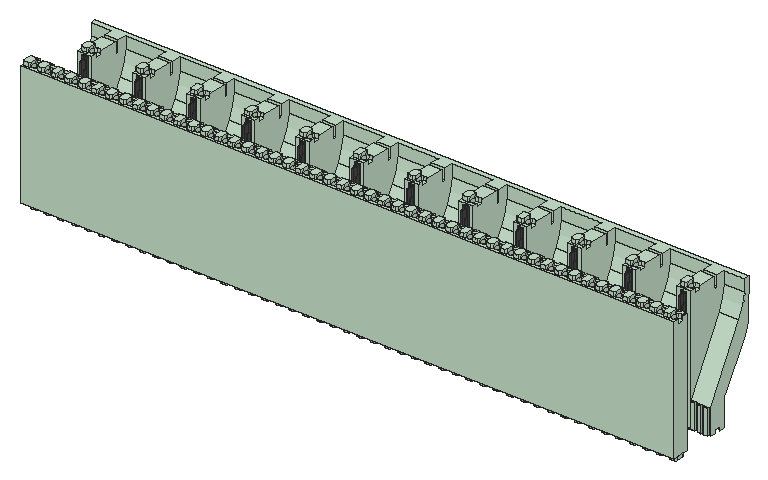
Revit family "ICF- NUDURA 4-inch- Brick Ledge Form Unit- Imperial", category Generic Models, Revit 2011 (continued)
Forms (in)
  Extrusion 51, void
    sketch origin (86, -1, 0) x (-1, 0, 0) y (0, -1, 0)
      loop
        arc (1, -4.89808) -> (1.04785, -5.04517) -> (1.17308, -5.13595) r 0.25
        arc (1.17308, -5.13595) -> (1.5, -5.1875) -> (1.82692, -5.13595) r 1.0625
        arc (1.82692, -5.13595) -> (1.95215, -5.04517) -> (2, -4.89808) r 0.25
        line (2, -4.89808) -> (2, -3.97692)
        arc (2, -3.97692) -> (1.98276, -3.88568) -> (1.9334, -3.80702) r 0.25
        arc (1.9334, -3.80702) -> (1.92106, -3.78736) -> (1.91675, -3.76455) r 0.0625
        line (1.91675, -3.76455) -> (1.91675, -3.41845) -> (1.74592, -3.41845) -> (1.74592, -3.64005)
        arc (1.74592, -3.64005) -> (1.72385, -3.68771) -> (1.67323, -3.70172) r 0.0625
        arc (1.67323, -3.70172) -> (1.42092, -3.69045) -> (1.17308, -3.73905) r 1.0625
        arc (1.17308, -3.73905) -> (1.04785, -3.82983) -> (1, -3.97692) r 0.25
        line (1, -3.97692) -> (1, -4.89808)
    from 18 to 17.5
  Extrusion 52, void
    sketch origin (78, -1, 0) x (-1, 0, 0) y (0, -1, 0)
      loop
        arc (1, -4.89808) -> (1.04785, -5.04517) -> (1.17308, -5.13595) r 0.25
        arc (1.17308, -5.13595) -> (1.5, -5.1875) -> (1.82692, -5.13595) r 1.0625
        arc (1.82692, -5.13595) -> (1.95215, -5.04517) -> (2, -4.89808) r 0.25
        line (2, -4.89808) -> (2, -3.97692)
        arc (2, -3.97692) -> (1.98276, -3.88568) -> (1.9334, -3.80702) r 0.25
        arc (1.9334, -3.80702) -> (1.92106, -3.78736) -> (1.91675, -3.76455) r 0.0625
        line (1.91675, -3.76455) -> (1.91675, -3.41845) -> (1.74592, -3.41845) -> (1.74592, -3.64005)
        arc (1.74592, -3.64005) -> (1.72385, -3.68771) -> (1.67323, -3.70172) r 0.0625
        arc (1.67323, -3.70172) -> (1.42092, -3.69045) -> (1.17308, -3.73905) r 1.0625
        arc (1.17308, -3.73905) -> (1.04785, -3.82983) -> (1, -3.97692) r 0.25
        line (1, -3.97692) -> (1, -4.89808)
    from 18 to 17.5
  Extrusion 53, void
    sketch origin (70, -1, 0) x (-1, 0, 0) y (0, -1, 0)
      loop
        arc (1, -4.89808) -> (1.04785, -5.04517) -> (1.17308, -5.13595) r 0.25
        arc (1.17308, -5.13595) -> (1.5, -5.1875) -> (1.82692, -5.13595) r 1.0625
        arc (1.82692, -5.13595) -> (1.95215, -5.04517) -> (2, -4.89808) r 0.25
        line (2, -4.89808) -> (2, -3.97692)
        arc (2, -3.97692) -> (1.98276, -3.88568) -> (1.9334, -3.80702) r 0.25
        arc (1.9334, -3.80702) -> (1.92106, -3.78736) -> (1.91675, -3.76455) r 0.0625
        line (1.91675, -3.76455) -> (1.91675, -3.41845) -> (1.74592, -3.41845) -> (1.74592, -3.64005)
        arc (1.74592, -3.64005) -> (1.72385, -3.68771) -> (1.67323, -3.70172) r 0.0625
        arc (1.67323, -3.70172) -> (1.42092, -3.69045) -> (1.17308, -3.73905) r 1.0625
        arc (1.17308, -3.73905) -> (1.04785, -3.82983) -> (1, -3.97692) r 0.25
        line (1, -3.97692) -> (1, -4.89808)
    from 18 to 17.5
  Extrusion 54, void
    sketch origin (62, -1, 0) x (-1, 0, 0) y (0, -1, 0)
      loop
        arc (1, -4.89808) -> (1.04785, -5.04517) -> (1.17308, -5.13595) r 0.25
        arc (1.17308, -5.13595) -> (1.5, -5.1875) -> (1.82692, -5.13595) r 1.0625
        arc (1.82692, -5.13595) -> (1.95215, -5.04517) -> (2, -4.89808) r 0.25
        line (2, -4.89808) -> (2, -3.97692)
        arc (2, -3.97692) -> (1.98276, -3.88568) -> (1.9334, -3.80702) r 0.25
        arc (1.9334, -3.80702) -> (1.92106, -3.78736) -> (1.91675, -3.76455) r 0.0625
        line (1.91675, -3.76455) -> (1.91675, -3.41845) -> (1.74592, -3.41845) -> (1.74592, -3.64005)
        arc (1.74592, -3.64005) -> (1.72385, -3.68771) -> (1.67323, -3.70172) r 0.0625
        arc (1.67323, -3.70172) -> (1.42092, -3.69045) -> (1.17308, -3.73905) r 1.0625
        arc (1.17308, -3.73905) -> (1.04785, -3.82983) -> (1, -3.97692) r 0.25
        line (1, -3.97692) -> (1, -4.89808)
    from 18 to 17.5
  Extrusion 55, void
    sketch origin (54, -1, 0) x (-1, 0, 0) y (0, -1, 0)
      loop
        arc (1, -4.89808) -> (1.04785, -5.04517) -> (1.17308, -5.13595) r 0.25
        arc (1.17308, -5.13595) -> (1.5, -5.1875) -> (1.82692, -5.13595) r 1.0625
        arc (1.82692, -5.13595) -> (1.95215, -5.04517) -> (2, -4.89808) r 0.25
        line (2, -4.89808) -> (2, -3.97692)
        arc (2, -3.97692) -> (1.98276, -3.88568) -> (1.9334, -3.80702) r 0.25
        arc (1.9334, -3.80702) -> (1.92106, -3.78736) -> (1.91675, -3.76455) r 0.0625
        line (1.91675, -3.76455) -> (1.91675, -3.41845) -> (1.74592, -3.41845) -> (1.74592, -3.64005)
        arc (1.74592, -3.64005) -> (1.72385, -3.68771) -> (1.67323, -3.70172) r 0.0625
        arc (1.67323, -3.70172) -> (1.42092, -3.69045) -> (1.17308, -3.73905) r 1.0625
        arc (1.17308, -3.73905) -> (1.04785, -3.82983) -> (1, -3.97692) r 0.25
        line (1, -3.97692) -> (1, -4.89808)
    from 18 to 17.5
  Extrusion 56, void
    sketch origin (46, -1, 0) x (-1, 0, 0) y (0, -1, 0)
      loop
        arc (1, -4.89808) -> (1.04785, -5.04517) -> (1.17308, -5.13595) r 0.25
        arc (1.17308, -5.13595) -> (1.5, -5.1875) -> (1.82692, -5.13595) r 1.0625
        arc (1.82692, -5.13595) -> (1.95215, -5.04517) -> (2, -4.89808) r 0.25
        line (2, -4.89808) -> (2, -3.97692)
        arc (2, -3.97692) -> (1.98276, -3.88568) -> (1.9334, -3.80702) r 0.25
        arc (1.9334, -3.80702) -> (1.92106, -3.78736) -> (1.91675, -3.76455) r 0.0625
        line (1.91675, -3.76455) -> (1.91675, -3.41845) -> (1.74592, -3.41845) -> (1.74592, -3.64005)
        arc (1.74592, -3.64005) -> (1.72385, -3.68771) -> (1.67323, -3.70172) r 0.0625
        arc (1.67323, -3.70172) -> (1.42092, -3.69045) -> (1.17308, -3.73905) r 1.0625
        arc (1.17308, -3.73905) -> (1.04785, -3.82983) -> (1, -3.97692) r 0.25
        line (1, -3.97692) -> (1, -4.89808)
    from 18 to 17.5
  Extrusion 57, void
    sketch origin (38, -1, 0) x (-1, 0, 0) y (0, -1, 0)
      loop
        arc (1, -4.89808) -> (1.04785, -5.04517) -> (1.17308, -5.13595) r 0.25
        arc (1.17308, -5.13595) -> (1.5, -5.1875) -> (1.82692, -5.13595) r 1.0625
        arc (1.82692, -5.13595) -> (1.95215, -5.04517) -> (2, -4.89808) r 0.25
        line (2, -4.89808) -> (2, -3.97692)
        arc (2, -3.97692) -> (1.98276, -3.88568) -> (1.9334, -3.80702) r 0.25
        arc (1.9334, -3.80702) -> (1.92106, -3.78736) -> (1.91675, -3.76455) r 0.0625
        line (1.91675, -3.76455) -> (1.91675, -3.41845) -> (1.74592, -3.41845) -> (1.74592, -3.64005)
        arc (1.74592, -3.64005) -> (1.72385, -3.68771) -> (1.67323, -3.70172) r 0.0625
        arc (1.67323, -3.70172) -> (1.42092, -3.69045) -> (1.17308, -3.73905) r 1.0625
        arc (1.17308, -3.73905) -> (1.04785, -3.82983) -> (1, -3.97692) r 0.25
        line (1, -3.97692) -> (1, -4.89808)
    from 18 to 17.5
  Extrusion 58, void
    sketch origin (30, -1, 0) x (-1, 0, 0) y (0, -1, 0)
      loop
        arc (1, -4.89808) -> (1.04785, -5.04517) -> (1.17308, -5.13595) r 0.25
        arc (1.17308, -5.13595) -> (1.5, -5.1875) -> (1.82692, -5.13595) r 1.0625
        arc (1.82692, -5.13595) -> (1.95215, -5.04517) -> (2, -4.89808) r 0.25
        line (2, -4.89808) -> (2, -3.97692)
        arc (2, -3.97692) -> (1.98276, -3.88568) -> (1.9334, -3.80702) r 0.25
        arc (1.9334, -3.80702) -> (1.92106, -3.78736) -> (1.91675, -3.76455) r 0.0625
        line (1.91675, -3.76455) -> (1.91675, -3.41845) -> (1.74592, -3.41845) -> (1.74592, -3.64005)
        arc (1.74592, -3.64005) -> (1.72385, -3.68771) -> (1.67323, -3.70172) r 0.0625
        arc (1.67323, -3.70172) -> (1.42092, -3.69045) -> (1.17308, -3.73905) r 1.0625
        arc (1.17308, -3.73905) -> (1.04785, -3.82983) -> (1, -3.97692) r 0.25
        line (1, -3.97692) -> (1, -4.89808)
    from 18 to 17.5
  Extrusion 59, void
    sketch origin (22, -1, 0) x (-1, 0, 0) y (0, -1, 0)
      loop
        arc (1, -4.89808) -> (1.04785, -5.04517) -> (1.17308, -5.13595) r 0.25
        arc (1.17308, -5.13595) -> (1.5, -5.1875) -> (1.82692, -5.13595) r 1.0625
        arc (1.82692, -5.13595) -> (1.95215, -5.04517) -> (2, -4.89808) r 0.25
        line (2, -4.89808) -> (2, -3.97692)
        arc (2, -3.97692) -> (1.98276, -3.88568) -> (1.9334, -3.80702) r 0.25
        arc (1.9334, -3.80702) -> (1.92106, -3.78736) -> (1.91675, -3.76455) r 0.0625
        line (1.91675, -3.76455) -> (1.91675, -3.41845) -> (1.74592, -3.41845) -> (1.74592, -3.64005)
        arc (1.74592, -3.64005) -> (1.72385, -3.68771) -> (1.67323, -3.70172) r 0.0625
        arc (1.67323, -3.70172) -> (1.42092, -3.69045) -> (1.17308, -3.73905) r 1.0625
        arc (1.17308, -3.73905) -> (1.04785, -3.82983) -> (1, -3.97692) r 0.25
        line (1, -3.97692) -> (1, -4.89808)
    from 18 to 17.5
  Extrusion 60, void
    sketch origin (14, -1, 0) x (-1, 0, 0) y (0, -1, 0)
      loop
        arc (1, -4.89808) -> (1.04785, -5.04517) -> (1.17308, -5.13595) r 0.25
        arc (1.17308, -5.13595) -> (1.5, -5.1875) -> (1.82692, -5.13595) r 1.0625
        arc (1.82692, -5.13595) -> (1.95215, -5.04517) -> (2, -4.89808) r 0.25
        line (2, -4.89808) -> (2, -3.97692)
        arc (2, -3.97692) -> (1.98276, -3.88568) -> (1.9334, -3.80702) r 0.25
        arc (1.9334, -3.80702) -> (1.92106, -3.78736) -> (1.91675, -3.76455) r 0.0625
        line (1.91675, -3.76455) -> (1.91675, -3.41845) -> (1.74592, -3.41845) -> (1.74592, -3.64005)
        arc (1.74592, -3.64005) -> (1.72385, -3.68771) -> (1.67323, -3.70172) r 0.0625
        arc (1.67323, -3.70172) -> (1.42092, -3.69045) -> (1.17308, -3.73905) r 1.0625
        arc (1.17308, -3.73905) -> (1.04785, -3.82983) -> (1, -3.97692) r 0.25
        line (1, -3.97692) -> (1, -4.89808)
    from 18 to 17.5
  Extrusion 61, void
    sketch origin (6, -1, 0) x (-1, 0, 0) y (0, -1, 0)
      loop
        arc (1, -4.89808) -> (1.04785, -5.04517) -> (1.17308, -5.13595) r 0.25
        arc (1.17308, -5.13595) -> (1.5, -5.1875) -> (1.82692, -5.13595) r 1.0625
        arc (1.82692, -5.13595) -> (1.95215, -5.04517) -> (2, -4.89808) r 0.25
        line (2, -4.89808) -> (2, -3.97692)
        arc (2, -3.97692) -> (1.98276, -3.88568) -> (1.9334, -3.80702) r 0.25
        arc (1.9334, -3.80702) -> (1.92106, -3.78736) -> (1.91675, -3.76455) r 0.0625
        line (1.91675, -3.76455) -> (1.91675, -3.41845) -> (1.74592, -3.41845) -> (1.74592, -3.64005)
        arc (1.74592, -3.64005) -> (1.72385, -3.68771) -> (1.67323, -3.70172) r 0.0625
        arc (1.67323, -3.70172) -> (1.42092, -3.69045) -> (1.17308, -3.73905) r 1.0625
        arc (1.17308, -3.73905) -> (1.04785, -3.82983) -> (1, -3.97692) r 0.25
        line (1, -3.97692) -> (1, -4.89808)
    from 18 to 17.5
  Extrusion 62, void
    sketch origin (2, 1, 0) x (-1, 0, 0) y (0, -1, 0)
      loop
        line (1, 4.89808) -> (1, 3.97692)
        arc (1, 3.97692) -> (1.04785, 3.82983) -> (1.17308, 3.73905) r 0.25
        arc (1.17308, 3.73905) -> (1.42092, 3.69045) -> (1.67323, 3.70172) r 1.0625
        arc (1.67323, 3.70172) -> (1.72385, 3.68771) -> (1.74592, 3.64005) r 0.0625
        line (1.74592, 3.64005) -> (1.74592, 3.41845) -> (1.91675, 3.41845) -> (1.91675, 3.76455)
        arc (1.91675, 3.76455) -> (1.92106, 3.78736) -> (1.9334, 3.80702) r 0.0625
        arc (1.9334, 3.80702) -> (1.98276, 3.88568) -> (2, 3.97692) r 0.25
        line (2, 3.97692) -> (2, 4.89808)
        arc (2, 4.89808) -> (1.95215, 5.04517) -> (1.82692, 5.13595) r 0.25
        arc (1.82692, 5.13595) -> (1.5, 5.1875) -> (1.17308, 5.13595) r 1.0625
        arc (1.17308, 5.13595) -> (1.04785, 5.04517) -> (1, 4.89808) r 0.25
    from 0 to 0.5
  Extrusion 63, void
    sketch origin (4, 1, 0) x (-1, 0, 0) y (0, -1, 0)
      loop
        line (1, 4.89808) -> (1, 3.97692)
        arc (1, 3.97692) -> (1.04785, 3.82983) -> (1.17308, 3.73905) r 0.25
        arc (1.17308, 3.73905) -> (1.42092, 3.69045) -> (1.67323, 3.70172) r 1.0625
        arc (1.67323, 3.70172) -> (1.72385, 3.68771) -> (1.74592, 3.64005) r 0.0625
        line (1.74592, 3.64005) -> (1.74592, 3.41845) -> (1.91675, 3.41845) -> (1.91675, 3.76455)
        arc (1.91675, 3.76455) -> (1.92106, 3.78736) -> (1.9334, 3.80702) r 0.0625
        arc (1.9334, 3.80702) -> (1.98276, 3.88568) -> (2, 3.97692) r 0.25
        line (2, 3.97692) -> (2, 4.89808)
        arc (2, 4.89808) -> (1.95215, 5.04517) -> (1.82692, 5.13595) r 0.25
        arc (1.82692, 5.13595) -> (1.5, 5.1875) -> (1.17308, 5.13595) r 1.0625
        arc (1.17308, 5.13595) -> (1.04785, 5.04517) -> (1, 4.89808) r 0.25
    from 0 to 0.5
  Extrusion 64, void
    sketch origin (6, 1, 0) x (-1, 0, 0) y (0, -1, 0)
      loop
        line (1, 4.89808) -> (1, 3.97692)
        arc (1, 3.97692) -> (1.04785, 3.82983) -> (1.17308, 3.73905) r 0.25
        arc (1.17308, 3.73905) -> (1.42092, 3.69045) -> (1.67323, 3.70172) r 1.0625
        arc (1.67323, 3.70172) -> (1.72385, 3.68771) -> (1.74592, 3.64005) r 0.0625
        line (1.74592, 3.64005) -> (1.74592, 3.41845) -> (1.91675, 3.41845) -> (1.91675, 3.76455)
        arc (1.91675, 3.76455) -> (1.92106, 3.78736) -> (1.9334, 3.80702) r 0.0625
        arc (1.9334, 3.80702) -> (1.98276, 3.88568) -> (2, 3.97692) r 0.25
        line (2, 3.97692) -> (2, 4.89808)
        arc (2, 4.89808) -> (1.95215, 5.04517) -> (1.82692, 5.13595) r 0.25
        arc (1.82692, 5.13595) -> (1.5, 5.1875) -> (1.17308, 5.13595) r 1.0625
        arc (1.17308, 5.13595) -> (1.04785, 5.04517) -> (1, 4.89808) r 0.25
    from 0 to 0.5
  Extrusion 65, void
    sketch origin (8, 1, 0) x (-1, 0, 0) y (0, -1, 0)
      loop
        line (1, 4.89808) -> (1, 3.97692)
        arc (1, 3.97692) -> (1.04785, 3.82983) -> (1.17308, 3.73905) r 0.25
        arc (1.17308, 3.73905) -> (1.42092, 3.69045) -> (1.67323, 3.70172) r 1.0625
        arc (1.67323, 3.70172) -> (1.72385, 3.68771) -> (1.74592, 3.64005) r 0.0625
        line (1.74592, 3.64005) -> (1.74592, 3.41845) -> (1.91675, 3.41845) -> (1.91675, 3.76455)
        arc (1.91675, 3.76455) -> (1.92106, 3.78736) -> (1.9334, 3.80702) r 0.0625
        arc (1.9334, 3.80702) -> (1.98276, 3.88568) -> (2, 3.97692) r 0.25
        line (2, 3.97692) -> (2, 4.89808)
        arc (2, 4.89808) -> (1.95215, 5.04517) -> (1.82692, 5.13595) r 0.25
        arc (1.82692, 5.13595) -> (1.5, 5.1875) -> (1.17308, 5.13595) r 1.0625
        arc (1.17308, 5.13595) -> (1.04785, 5.04517) -> (1, 4.89808) r 0.25
    from 0 to 0.5
  Extrusion 66, void
    sketch origin (10, 1, 0) x (-1, 0, 0) y (0, -1, 0)
      loop
        line (1, 4.89808) -> (1, 3.97692)
        arc (1, 3.97692) -> (1.04785, 3.82983) -> (1.17308, 3.73905) r 0.25
        arc (1.17308, 3.73905) -> (1.42092, 3.69045) -> (1.67323, 3.70172) r 1.0625
        arc (1.67323, 3.70172) -> (1.72385, 3.68771) -> (1.74592, 3.64005) r 0.0625
        line (1.74592, 3.64005) -> (1.74592, 3.41845) -> (1.91675, 3.41845) -> (1.91675, 3.76455)
        arc (1.91675, 3.76455) -> (1.92106, 3.78736) -> (1.9334, 3.80702) r 0.0625
        arc (1.9334, 3.80702) -> (1.98276, 3.88568) -> (2, 3.97692) r 0.25
        line (2, 3.97692) -> (2, 4.89808)
        arc (2, 4.89808) -> (1.95215, 5.04517) -> (1.82692, 5.13595) r 0.25
        arc (1.82692, 5.13595) -> (1.5, 5.1875) -> (1.17308, 5.13595) r 1.0625
        arc (1.17308, 5.13595) -> (1.04785, 5.04517) -> (1, 4.89808) r 0.25
    from 0 to 0.5
  Extrusion 67, void
    sketch origin (12, 1, 0) x (-1, 0, 0) y (0, -1, 0)
      loop
        line (1, 4.89808) -> (1, 3.97692)
        arc (1, 3.97692) -> (1.04785, 3.82983) -> (1.17308, 3.73905) r 0.25
        arc (1.17308, 3.73905) -> (1.42092, 3.69045) -> (1.67323, 3.70172) r 1.0625
        arc (1.67323, 3.70172) -> (1.72385, 3.68771) -> (1.74592, 3.64005) r 0.0625
        line (1.74592, 3.64005) -> (1.74592, 3.41845) -> (1.91675, 3.41845) -> (1.91675, 3.76455)
        arc (1.91675, 3.76455) -> (1.92106, 3.78736) -> (1.9334, 3.80702) r 0.0625
        arc (1.9334, 3.80702) -> (1.98276, 3.88568) -> (2, 3.97692) r 0.25
        line (2, 3.97692) -> (2, 4.89808)
        arc (2, 4.89808) -> (1.95215, 5.04517) -> (1.82692, 5.13595) r 0.25
        arc (1.82692, 5.13595) -> (1.5, 5.1875) -> (1.17308, 5.13595) r 1.0625
        arc (1.17308, 5.13595) -> (1.04785, 5.04517) -> (1, 4.89808) r 0.25
    from 0 to 0.5
  Extrusion 68, void
    sketch origin (14, 1, 0) x (-1, 0, 0) y (0, -1, 0)
      loop
        line (1, 4.89808) -> (1, 3.97692)
        arc (1, 3.97692) -> (1.04785, 3.82983) -> (1.17308, 3.73905) r 0.25
        arc (1.17308, 3.73905) -> (1.42092, 3.69045) -> (1.67323, 3.70172) r 1.0625
        arc (1.67323, 3.70172) -> (1.72385, 3.68771) -> (1.74592, 3.64005) r 0.0625
        line (1.74592, 3.64005) -> (1.74592, 3.41845) -> (1.91675, 3.41845) -> (1.91675, 3.76455)
        arc (1.91675, 3.76455) -> (1.92106, 3.78736) -> (1.9334, 3.80702) r 0.0625
        arc (1.9334, 3.80702) -> (1.98276, 3.88568) -> (2, 3.97692) r 0.25
        line (2, 3.97692) -> (2, 4.89808)
        arc (2, 4.89808) -> (1.95215, 5.04517) -> (1.82692, 5.13595) r 0.25
        arc (1.82692, 5.13595) -> (1.5, 5.1875) -> (1.17308, 5.13595) r 1.0625
        arc (1.17308, 5.13595) -> (1.04785, 5.04517) -> (1, 4.89808) r 0.25
    from 0 to 0.5
  Extrusion 69, void
    sketch origin (16, 1, 0) x (-1, 0, 0) y (0, -1, 0)
      loop
        line (1, 4.89808) -> (1, 3.97692)
        arc (1, 3.97692) -> (1.04785, 3.82983) -> (1.17308, 3.73905) r 0.25
        arc (1.17308, 3.73905) -> (1.42092, 3.69045) -> (1.67323, 3.70172) r 1.0625
        arc (1.67323, 3.70172) -> (1.72385, 3.68771) -> (1.74592, 3.64005) r 0.0625
        line (1.74592, 3.64005) -> (1.74592, 3.41845) -> (1.91675, 3.41845) -> (1.91675, 3.76455)
        arc (1.91675, 3.76455) -> (1.92106, 3.78736) -> (1.9334, 3.80702) r 0.0625
        arc (1.9334, 3.80702) -> (1.98276, 3.88568) -> (2, 3.97692) r 0.25
        line (2, 3.97692) -> (2, 4.89808)
        arc (2, 4.89808) -> (1.95215, 5.04517) -> (1.82692, 5.13595) r 0.25
        arc (1.82692, 5.13595) -> (1.5, 5.1875) -> (1.17308, 5.13595) r 1.0625
        arc (1.17308, 5.13595) -> (1.04785, 5.04517) -> (1, 4.89808) r 0.25
    from 0 to 0.5
  Extrusion 70, void
    sketch origin (18, 1, 0) x (-1, 0, 0) y (0, -1, 0)
      loop
        line (1, 4.89808) -> (1, 3.97692)
        arc (1, 3.97692) -> (1.04785, 3.82983) -> (1.17308, 3.73905) r 0.25
        arc (1.17308, 3.73905) -> (1.42092, 3.69045) -> (1.67323, 3.70172) r 1.0625
        arc (1.67323, 3.70172) -> (1.72385, 3.68771) -> (1.74592, 3.64005) r 0.0625
        line (1.74592, 3.64005) -> (1.74592, 3.41845) -> (1.91675, 3.41845) -> (1.91675, 3.76455)
        arc (1.91675, 3.76455) -> (1.92106, 3.78736) -> (1.9334, 3.80702) r 0.0625
        arc (1.9334, 3.80702) -> (1.98276, 3.88568) -> (2, 3.97692) r 0.25
        line (2, 3.97692) -> (2, 4.89808)
        arc (2, 4.89808) -> (1.95215, 5.04517) -> (1.82692, 5.13595) r 0.25
        arc (1.82692, 5.13595) -> (1.5, 5.1875) -> (1.17308, 5.13595) r 1.0625
        arc (1.17308, 5.13595) -> (1.04785, 5.04517) -> (1, 4.89808) r 0.25
    from 0 to 0.5
  Extrusion 71, void
    sketch origin (20, 1, 0) x (-1, 0, 0) y (0, -1, 0)
      loop
        line (1, 4.89808) -> (1, 3.97692)
        arc (1, 3.97692) -> (1.04785, 3.82983) -> (1.17308, 3.73905) r 0.25
        arc (1.17308, 3.73905) -> (1.42092, 3.69045) -> (1.67323, 3.70172) r 1.0625
        arc (1.67323, 3.70172) -> (1.72385, 3.68771) -> (1.74592, 3.64005) r 0.0625
        line (1.74592, 3.64005) -> (1.74592, 3.41845) -> (1.91675, 3.41845) -> (1.91675, 3.76455)
        arc (1.91675, 3.76455) -> (1.92106, 3.78736) -> (1.9334, 3.80702) r 0.0625
        arc (1.9334, 3.80702) -> (1.98276, 3.88568) -> (2, 3.97692) r 0.25
        line (2, 3.97692) -> (2, 4.89808)
        arc (2, 4.89808) -> (1.95215, 5.04517) -> (1.82692, 5.13595) r 0.25
        arc (1.82692, 5.13595) -> (1.5, 5.1875) -> (1.17308, 5.13595) r 1.0625
        arc (1.17308, 5.13595) -> (1.04785, 5.04517) -> (1, 4.89808) r 0.25
    from 0 to 0.5
  Extrusion 72, void
    sketch origin (22, 1, 0) x (-1, 0, 0) y (0, -1, 0)
      loop
        line (1, 4.89808) -> (1, 3.97692)
        arc (1, 3.97692) -> (1.04785, 3.82983) -> (1.17308, 3.73905) r 0.25
        arc (1.17308, 3.73905) -> (1.42092, 3.69045) -> (1.67323, 3.70172) r 1.0625
        arc (1.67323, 3.70172) -> (1.72385, 3.68771) -> (1.74592, 3.64005) r 0.0625
        line (1.74592, 3.64005) -> (1.74592, 3.41845) -> (1.91675, 3.41845) -> (1.91675, 3.76455)
        arc (1.91675, 3.76455) -> (1.92106, 3.78736) -> (1.9334, 3.80702) r 0.0625
        arc (1.9334, 3.80702) -> (1.98276, 3.88568) -> (2, 3.97692) r 0.25
        line (2, 3.97692) -> (2, 4.89808)
        arc (2, 4.89808) -> (1.95215, 5.04517) -> (1.82692, 5.13595) r 0.25
        arc (1.82692, 5.13595) -> (1.5, 5.1875) -> (1.17308, 5.13595) r 1.0625
        arc (1.17308, 5.13595) -> (1.04785, 5.04517) -> (1, 4.89808) r 0.25
    from 0 to 0.5
  Extrusion 73, void
    sketch origin (24, 1, 0) x (-1, 0, 0) y (0, -1, 0)
      loop
        line (1, 4.89808) -> (1, 3.97692)
        arc (1, 3.97692) -> (1.04785, 3.82983) -> (1.17308, 3.73905) r 0.25
        arc (1.17308, 3.73905) -> (1.42092, 3.69045) -> (1.67323, 3.70172) r 1.0625
        arc (1.67323, 3.70172) -> (1.72385, 3.68771) -> (1.74592, 3.64005) r 0.0625
        line (1.74592, 3.64005) -> (1.74592, 3.41845) -> (1.91675, 3.41845) -> (1.91675, 3.76455)
        arc (1.91675, 3.76455) -> (1.92106, 3.78736) -> (1.9334, 3.80702) r 0.0625
        arc (1.9334, 3.80702) -> (1.98276, 3.88568) -> (2, 3.97692) r 0.25
        line (2, 3.97692) -> (2, 4.89808)
        arc (2, 4.89808) -> (1.95215, 5.04517) -> (1.82692, 5.13595) r 0.25
        arc (1.82692, 5.13595) -> (1.5, 5.1875) -> (1.17308, 5.13595) r 1.0625
        arc (1.17308, 5.13595) -> (1.04785, 5.04517) -> (1, 4.89808) r 0.25
    from 0 to 0.5
  Extrusion 74, void
    sketch origin (26, 1, 0) x (-1, 0, 0) y (0, -1, 0)
      loop
        line (1, 4.89808) -> (1, 3.97692)
        arc (1, 3.97692) -> (1.04785, 3.82983) -> (1.17308, 3.73905) r 0.25
        arc (1.17308, 3.73905) -> (1.42092, 3.69045) -> (1.67323, 3.70172) r 1.0625
        arc (1.67323, 3.70172) -> (1.72385, 3.68771) -> (1.74592, 3.64005) r 0.0625
        line (1.74592, 3.64005) -> (1.74592, 3.41845) -> (1.91675, 3.41845) -> (1.91675, 3.76455)
        arc (1.91675, 3.76455) -> (1.92106, 3.78736) -> (1.9334, 3.80702) r 0.0625
        arc (1.9334, 3.80702) -> (1.98276, 3.88568) -> (2, 3.97692) r 0.25
        line (2, 3.97692) -> (2, 4.89808)
        arc (2, 4.89808) -> (1.95215, 5.04517) -> (1.82692, 5.13595) r 0.25
        arc (1.82692, 5.13595) -> (1.5, 5.1875) -> (1.17308, 5.13595) r 1.0625
        arc (1.17308, 5.13595) -> (1.04785, 5.04517) -> (1, 4.89808) r 0.25
    from 0 to 0.5
  Extrusion 75, void
    sketch origin (28, 1, 0) x (-1, 0, 0) y (0, -1, 0)
      loop
        line (1, 4.89808) -> (1, 3.97692)
        arc (1, 3.97692) -> (1.04785, 3.82983) -> (1.17308, 3.73905) r 0.25
        arc (1.17308, 3.73905) -> (1.42092, 3.69045) -> (1.67323, 3.70172) r 1.0625
        arc (1.67323, 3.70172) -> (1.72385, 3.68771) -> (1.74592, 3.64005) r 0.0625
        line (1.74592, 3.64005) -> (1.74592, 3.41845) -> (1.91675, 3.41845) -> (1.91675, 3.76455)
        arc (1.91675, 3.76455) -> (1.92106, 3.78736) -> (1.9334, 3.80702) r 0.0625
        arc (1.9334, 3.80702) -> (1.98276, 3.88568) -> (2, 3.97692) r 0.25
        line (2, 3.97692) -> (2, 4.89808)
        arc (2, 4.89808) -> (1.95215, 5.04517) -> (1.82692, 5.13595) r 0.25
        arc (1.82692, 5.13595) -> (1.5, 5.1875) -> (1.17308, 5.13595) r 1.0625
        arc (1.17308, 5.13595) -> (1.04785, 5.04517) -> (1, 4.89808) r 0.25
    from 0 to 0.5
  Extrusion 76, void
    sketch origin (30, 1, 0) x (-1, 0, 0) y (0, -1, 0)
      loop
        line (1, 4.89808) -> (1, 3.97692)
        arc (1, 3.97692) -> (1.04785, 3.82983) -> (1.17308, 3.73905) r 0.25
        arc (1.17308, 3.73905) -> (1.42092, 3.69045) -> (1.67323, 3.70172) r 1.0625
        arc (1.67323, 3.70172) -> (1.72385, 3.68771) -> (1.74592, 3.64005) r 0.0625
        line (1.74592, 3.64005) -> (1.74592, 3.41845) -> (1.91675, 3.41845) -> (1.91675, 3.76455)
        arc (1.91675, 3.76455) -> (1.92106, 3.78736) -> (1.9334, 3.80702) r 0.0625
        arc (1.9334, 3.80702) -> (1.98276, 3.88568) -> (2, 3.97692) r 0.25
        line (2, 3.97692) -> (2, 4.89808)
        arc (2, 4.89808) -> (1.95215, 5.04517) -> (1.82692, 5.13595) r 0.25
        arc (1.82692, 5.13595) -> (1.5, 5.1875) -> (1.17308, 5.13595) r 1.0625
        arc (1.17308, 5.13595) -> (1.04785, 5.04517) -> (1, 4.89808) r 0.25
    from 0 to 0.5
  Extrusion 77, void
    sketch origin (32, 1, 0) x (-1, 0, 0) y (0, -1, 0)
      loop
        line (1, 4.89808) -> (1, 3.97692)
        arc (1, 3.97692) -> (1.04785, 3.82983) -> (1.17308, 3.73905) r 0.25
        arc (1.17308, 3.73905) -> (1.42092, 3.69045) -> (1.67323, 3.70172) r 1.0625
        arc (1.67323, 3.70172) -> (1.72385, 3.68771) -> (1.74592, 3.64005) r 0.0625
        line (1.74592, 3.64005) -> (1.74592, 3.41845) -> (1.91675, 3.41845) -> (1.91675, 3.76455)
        arc (1.91675, 3.76455) -> (1.92106, 3.78736) -> (1.9334, 3.80702) r 0.0625
        arc (1.9334, 3.80702) -> (1.98276, 3.88568) -> (2, 3.97692) r 0.25
        line (2, 3.97692) -> (2, 4.89808)
        arc (2, 4.89808) -> (1.95215, 5.04517) -> (1.82692, 5.13595) r 0.25
        arc (1.82692, 5.13595) -> (1.5, 5.1875) -> (1.17308, 5.13595) r 1.0625
        arc (1.17308, 5.13595) -> (1.04785, 5.04517) -> (1, 4.89808) r 0.25
    from 0 to 0.5
  Extrusion 78, void
    sketch origin (34, 1, 0) x (-1, 0, 0) y (0, -1, 0)
      loop
        line (1, 4.89808) -> (1, 3.97692)
        arc (1, 3.97692) -> (1.04785, 3.82983) -> (1.17308, 3.73905) r 0.25
        arc (1.17308, 3.73905) -> (1.42092, 3.69045) -> (1.67323, 3.70172) r 1.0625
        arc (1.67323, 3.70172) -> (1.72385, 3.68771) -> (1.74592, 3.64005) r 0.0625
        line (1.74592, 3.64005) -> (1.74592, 3.41845) -> (1.91675, 3.41845) -> (1.91675, 3.76455)
        arc (1.91675, 3.76455) -> (1.92106, 3.78736) -> (1.9334, 3.80702) r 0.0625
        arc (1.9334, 3.80702) -> (1.98276, 3.88568) -> (2, 3.97692) r 0.25
        line (2, 3.97692) -> (2, 4.89808)
        arc (2, 4.89808) -> (1.95215, 5.04517) -> (1.82692, 5.13595) r 0.25
        arc (1.82692, 5.13595) -> (1.5, 5.1875) -> (1.17308, 5.13595) r 1.0625
        arc (1.17308, 5.13595) -> (1.04785, 5.04517) -> (1, 4.89808) r 0.25
    from 0 to 0.5
  Extrusion 79, void
    sketch origin (36, 1, 0) x (-1, 0, 0) y (0, -1, 0)
      loop
        line (1, 4.89808) -> (1, 3.97692)
        arc (1, 3.97692) -> (1.04785, 3.82983) -> (1.17308, 3.73905) r 0.25
        arc (1.17308, 3.73905) -> (1.42092, 3.69045) -> (1.67323, 3.70172) r 1.0625
        arc (1.67323, 3.70172) -> (1.72385, 3.68771) -> (1.74592, 3.64005) r 0.0625
        line (1.74592, 3.64005) -> (1.74592, 3.41845) -> (1.91675, 3.41845) -> (1.91675, 3.76455)
        arc (1.91675, 3.76455) -> (1.92106, 3.78736) -> (1.9334, 3.80702) r 0.0625
        arc (1.9334, 3.80702) -> (1.98276, 3.88568) -> (2, 3.97692) r 0.25
        line (2, 3.97692) -> (2, 4.89808)
        arc (2, 4.89808) -> (1.95215, 5.04517) -> (1.82692, 5.13595) r 0.25
        arc (1.82692, 5.13595) -> (1.5, 5.1875) -> (1.17308, 5.13595) r 1.0625
        arc (1.17308, 5.13595) -> (1.04785, 5.04517) -> (1, 4.89808) r 0.25
    from 0 to 0.5
  Extrusion 80, void
    sketch origin (38, 1, 0) x (-1, 0, 0) y (0, -1, 0)
      loop
        line (1, 4.89808) -> (1, 3.97692)
        arc (1, 3.97692) -> (1.04785, 3.82983) -> (1.17308, 3.73905) r 0.25
        arc (1.17308, 3.73905) -> (1.42092, 3.69045) -> (1.67323, 3.70172) r 1.0625
        arc (1.67323, 3.70172) -> (1.72385, 3.68771) -> (1.74592, 3.64005) r 0.0625
        line (1.74592, 3.64005) -> (1.74592, 3.41845) -> (1.91675, 3.41845) -> (1.91675, 3.76455)
        arc (1.91675, 3.76455) -> (1.92106, 3.78736) -> (1.9334, 3.80702) r 0.0625
        arc (1.9334, 3.80702) -> (1.98276, 3.88568) -> (2, 3.97692) r 0.25
        line (2, 3.97692) -> (2, 4.89808)
        arc (2, 4.89808) -> (1.95215, 5.04517) -> (1.82692, 5.13595) r 0.25
        arc (1.82692, 5.13595) -> (1.5, 5.1875) -> (1.17308, 5.13595) r 1.0625
        arc (1.17308, 5.13595) -> (1.04785, 5.04517) -> (1, 4.89808) r 0.25
    from 0 to 0.5
  Extrusion 81, void
    sketch origin (40, 1, 0) x (-1, 0, 0) y (0, -1, 0)
      loop
        line (1, 4.89808) -> (1, 3.97692)
        arc (1, 3.97692) -> (1.04785, 3.82983) -> (1.17308, 3.73905) r 0.25
        arc (1.17308, 3.73905) -> (1.42092, 3.69045) -> (1.67323, 3.70172) r 1.0625
        arc (1.67323, 3.70172) -> (1.72385, 3.68771) -> (1.74592, 3.64005) r 0.0625
        line (1.74592, 3.64005) -> (1.74592, 3.41845) -> (1.91675, 3.41845) -> (1.91675, 3.76455)
        arc (1.91675, 3.76455) -> (1.92106, 3.78736) -> (1.9334, 3.80702) r 0.0625
        arc (1.9334, 3.80702) -> (1.98276, 3.88568) -> (2, 3.97692) r 0.25
        line (2, 3.97692) -> (2, 4.89808)
        arc (2, 4.89808) -> (1.95215, 5.04517) -> (1.82692, 5.13595) r 0.25
        arc (1.82692, 5.13595) -> (1.5, 5.1875) -> (1.17308, 5.13595) r 1.0625
        arc (1.17308, 5.13595) -> (1.04785, 5.04517) -> (1, 4.89808) r 0.25
    from 0 to 0.5
  Extrusion 82, void
    sketch origin (42, 1, 0) x (-1, 0, 0) y (0, -1, 0)
      loop
        line (1, 4.89808) -> (1, 3.97692)
        arc (1, 3.97692) -> (1.04785, 3.82983) -> (1.17308, 3.73905) r 0.25
        arc (1.17308, 3.73905) -> (1.42092, 3.69045) -> (1.67323, 3.70172) r 1.0625
        arc (1.67323, 3.70172) -> (1.72385, 3.68771) -> (1.74592, 3.64005) r 0.0625
        line (1.74592, 3.64005) -> (1.74592, 3.41845) -> (1.91675, 3.41845) -> (1.91675, 3.76455)
        arc (1.91675, 3.76455) -> (1.92106, 3.78736) -> (1.9334, 3.80702) r 0.0625
        arc (1.9334, 3.80702) -> (1.98276, 3.88568) -> (2, 3.97692) r 0.25
        line (2, 3.97692) -> (2, 4.89808)
        arc (2, 4.89808) -> (1.95215, 5.04517) -> (1.82692, 5.13595) r 0.25
        arc (1.82692, 5.13595) -> (1.5, 5.1875) -> (1.17308, 5.13595) r 1.0625
        arc (1.17308, 5.13595) -> (1.04785, 5.04517) -> (1, 4.89808) r 0.25
    from 0 to 0.5
  Extrusion 83, void
    sketch origin (44, 1, 0) x (-1, 0, 0) y (0, -1, 0)
      loop
        line (1, 4.89808) -> (1, 3.97692)
        arc (1, 3.97692) -> (1.04785, 3.82983) -> (1.17308, 3.73905) r 0.25
        arc (1.17308, 3.73905) -> (1.42092, 3.69045) -> (1.67323, 3.70172) r 1.0625
        arc (1.67323, 3.70172) -> (1.72385, 3.68771) -> (1.74592, 3.64005) r 0.0625
        line (1.74592, 3.64005) -> (1.74592, 3.41845) -> (1.91675, 3.41845) -> (1.91675, 3.76455)
        arc (1.91675, 3.76455) -> (1.92106, 3.78736) -> (1.9334, 3.80702) r 0.0625
        arc (1.9334, 3.80702) -> (1.98276, 3.88568) -> (2, 3.97692) r 0.25
        line (2, 3.97692) -> (2, 4.89808)
        arc (2, 4.89808) -> (1.95215, 5.04517) -> (1.82692, 5.13595) r 0.25
        arc (1.82692, 5.13595) -> (1.5, 5.1875) -> (1.17308, 5.13595) r 1.0625
        arc (1.17308, 5.13595) -> (1.04785, 5.04517) -> (1, 4.89808) r 0.25
    from 0 to 0.5
  Extrusion 84, void
    sketch origin (46, 1, 0) x (-1, 0, 0) y (0, -1, 0)
      loop
        line (1, 4.89808) -> (1, 3.97692)
        arc (1, 3.97692) -> (1.04785, 3.82983) -> (1.17308, 3.73905) r 0.25
        arc (1.17308, 3.73905) -> (1.42092, 3.69045) -> (1.67323, 3.70172) r 1.0625
        arc (1.67323, 3.70172) -> (1.72385, 3.68771) -> (1.74592, 3.64005) r 0.0625
        line (1.74592, 3.64005) -> (1.74592, 3.41845) -> (1.91675, 3.41845) -> (1.91675, 3.76455)
        arc (1.91675, 3.76455) -> (1.92106, 3.78736) -> (1.9334, 3.80702) r 0.0625
        arc (1.9334, 3.80702) -> (1.98276, 3.88568) -> (2, 3.97692) r 0.25
        line (2, 3.97692) -> (2, 4.89808)
        arc (2, 4.89808) -> (1.95215, 5.04517) -> (1.82692, 5.13595) r 0.25
        arc (1.82692, 5.13595) -> (1.5, 5.1875) -> (1.17308, 5.13595) r 1.0625
        arc (1.17308, 5.13595) -> (1.04785, 5.04517) -> (1, 4.89808) r 0.25
    from 0 to 0.5
  Extrusion 85, void
    sketch origin (48, 1, 0) x (-1, 0, 0) y (0, -1, 0)
      loop
        line (1, 4.89808) -> (1, 3.97692)
        arc (1, 3.97692) -> (1.04785, 3.82983) -> (1.17308, 3.73905) r 0.25
        arc (1.17308, 3.73905) -> (1.42092, 3.69045) -> (1.67323, 3.70172) r 1.0625
        arc (1.67323, 3.70172) -> (1.72385, 3.68771) -> (1.74592, 3.64005) r 0.0625
        line (1.74592, 3.64005) -> (1.74592, 3.41845) -> (1.91675, 3.41845) -> (1.91675, 3.76455)
        arc (1.91675, 3.76455) -> (1.92106, 3.78736) -> (1.9334, 3.80702) r 0.0625
        arc (1.9334, 3.80702) -> (1.98276, 3.88568) -> (2, 3.97692) r 0.25
        line (2, 3.97692) -> (2, 4.89808)
        arc (2, 4.89808) -> (1.95215, 5.04517) -> (1.82692, 5.13595) r 0.25
        arc (1.82692, 5.13595) -> (1.5, 5.1875) -> (1.17308, 5.13595) r 1.0625
        arc (1.17308, 5.13595) -> (1.04785, 5.04517) -> (1, 4.89808) r 0.25
    from 0 to 0.5
  Extrusion 86, void
    sketch origin (50, 1, 0) x (-1, 0, 0) y (0, -1, 0)
      loop
        line (1, 4.89808) -> (1, 3.97692)
        arc (1, 3.97692) -> (1.04785, 3.82983) -> (1.17308, 3.73905) r 0.25
        arc (1.17308, 3.73905) -> (1.42092, 3.69045) -> (1.67323, 3.70172) r 1.0625
        arc (1.67323, 3.70172) -> (1.72385, 3.68771) -> (1.74592, 3.64005) r 0.0625
        line (1.74592, 3.64005) -> (1.74592, 3.41845) -> (1.91675, 3.41845) -> (1.91675, 3.76455)
        arc (1.91675, 3.76455) -> (1.92106, 3.78736) -> (1.9334, 3.80702) r 0.0625
        arc (1.9334, 3.80702) -> (1.98276, 3.88568) -> (2, 3.97692) r 0.25
        line (2, 3.97692) -> (2, 4.89808)
        arc (2, 4.89808) -> (1.95215, 5.04517) -> (1.82692, 5.13595) r 0.25
        arc (1.82692, 5.13595) -> (1.5, 5.1875) -> (1.17308, 5.13595) r 1.0625
        arc (1.17308, 5.13595) -> (1.04785, 5.04517) -> (1, 4.89808) r 0.25
    from 0 to 0.5
  Extrusion 87, void
    sketch origin (52, 1, 0) x (-1, 0, 0) y (0, -1, 0)
      loop
        line (1, 4.89808) -> (1, 3.97692)
        arc (1, 3.97692) -> (1.04785, 3.82983) -> (1.17308, 3.73905) r 0.25
        arc (1.17308, 3.73905) -> (1.42092, 3.69045) -> (1.67323, 3.70172) r 1.0625
        arc (1.67323, 3.70172) -> (1.72385, 3.68771) -> (1.74592, 3.64005) r 0.0625
        line (1.74592, 3.64005) -> (1.74592, 3.41845) -> (1.91675, 3.41845) -> (1.91675, 3.76455)
        arc (1.91675, 3.76455) -> (1.92106, 3.78736) -> (1.9334, 3.80702) r 0.0625
        arc (1.9334, 3.80702) -> (1.98276, 3.88568) -> (2, 3.97692) r 0.25
        line (2, 3.97692) -> (2, 4.89808)
        arc (2, 4.89808) -> (1.95215, 5.04517) -> (1.82692, 5.13595) r 0.25
        arc (1.82692, 5.13595) -> (1.5, 5.1875) -> (1.17308, 5.13595) r 1.0625
        arc (1.17308, 5.13595) -> (1.04785, 5.04517) -> (1, 4.89808) r 0.25
    from 0 to 0.5
  Extrusion 88, void
    sketch origin (54, 1, 0) x (-1, 0, 0) y (0, -1, 0)
      loop
        line (1, 4.89808) -> (1, 3.97692)
        arc (1, 3.97692) -> (1.04785, 3.82983) -> (1.17308, 3.73905) r 0.25
        arc (1.17308, 3.73905) -> (1.42092, 3.69045) -> (1.67323, 3.70172) r 1.0625
        arc (1.67323, 3.70172) -> (1.72385, 3.68771) -> (1.74592, 3.64005) r 0.0625
        line (1.74592, 3.64005) -> (1.74592, 3.41845) -> (1.91675, 3.41845) -> (1.91675, 3.76455)
        arc (1.91675, 3.76455) -> (1.92106, 3.78736) -> (1.9334, 3.80702) r 0.0625
        arc (1.9334, 3.80702) -> (1.98276, 3.88568) -> (2, 3.97692) r 0.25
        line (2, 3.97692) -> (2, 4.89808)
        arc (2, 4.89808) -> (1.95215, 5.04517) -> (1.82692, 5.13595) r 0.25
        arc (1.82692, 5.13595) -> (1.5, 5.1875) -> (1.17308, 5.13595) r 1.0625
        arc (1.17308, 5.13595) -> (1.04785, 5.04517) -> (1, 4.89808) r 0.25
    from 0 to 0.5
  Extrusion 89, void
    sketch origin (56, 1, 0) x (-1, 0, 0) y (0, -1, 0)
      loop
        line (1, 4.89808) -> (1, 3.97692)
        arc (1, 3.97692) -> (1.04785, 3.82983) -> (1.17308, 3.73905) r 0.25
        arc (1.17308, 3.73905) -> (1.42092, 3.69045) -> (1.67323, 3.70172) r 1.0625
        arc (1.67323, 3.70172) -> (1.72385, 3.68771) -> (1.74592, 3.64005) r 0.0625
        line (1.74592, 3.64005) -> (1.74592, 3.41845) -> (1.91675, 3.41845) -> (1.91675, 3.76455)
        arc (1.91675, 3.76455) -> (1.92106, 3.78736) -> (1.9334, 3.80702) r 0.0625
        arc (1.9334, 3.80702) -> (1.98276, 3.88568) -> (2, 3.97692) r 0.25
        line (2, 3.97692) -> (2, 4.89808)
        arc (2, 4.89808) -> (1.95215, 5.04517) -> (1.82692, 5.13595) r 0.25
        arc (1.82692, 5.13595) -> (1.5, 5.1875) -> (1.17308, 5.13595) r 1.0625
        arc (1.17308, 5.13595) -> (1.04785, 5.04517) -> (1, 4.89808) r 0.25
    from 0 to 0.5
  Extrusion 90, void
    sketch origin (58, 1, 0) x (-1, 0, 0) y (0, -1, 0)
      loop
        line (1, 4.89808) -> (1, 3.97692)
        arc (1, 3.97692) -> (1.04785, 3.82983) -> (1.17308, 3.73905) r 0.25
        arc (1.17308, 3.73905) -> (1.42092, 3.69045) -> (1.67323, 3.70172) r 1.0625
        arc (1.67323, 3.70172) -> (1.72385, 3.68771) -> (1.74592, 3.64005) r 0.0625
        line (1.74592, 3.64005) -> (1.74592, 3.41845) -> (1.91675, 3.41845) -> (1.91675, 3.76455)
        arc (1.91675, 3.76455) -> (1.92106, 3.78736) -> (1.9334, 3.80702) r 0.0625
        arc (1.9334, 3.80702) -> (1.98276, 3.88568) -> (2, 3.97692) r 0.25
        line (2, 3.97692) -> (2, 4.89808)
        arc (2, 4.89808) -> (1.95215, 5.04517) -> (1.82692, 5.13595) r 0.25
        arc (1.82692, 5.13595) -> (1.5, 5.1875) -> (1.17308, 5.13595) r 1.0625
        arc (1.17308, 5.13595) -> (1.04785, 5.04517) -> (1, 4.89808) r 0.25
    from 0 to 0.5
  Extrusion 91, void
    sketch origin (60, 1, 0) x (-1, 0, 0) y (0, -1, 0)
      loop
        line (1, 4.89808) -> (1, 3.97692)
        arc (1, 3.97692) -> (1.04785, 3.82983) -> (1.17308, 3.73905) r 0.25
        arc (1.17308, 3.73905) -> (1.42092, 3.69045) -> (1.67323, 3.70172) r 1.0625
        arc (1.67323, 3.70172) -> (1.72385, 3.68771) -> (1.74592, 3.64005) r 0.0625
        line (1.74592, 3.64005) -> (1.74592, 3.41845) -> (1.91675, 3.41845) -> (1.91675, 3.76455)
        arc (1.91675, 3.76455) -> (1.92106, 3.78736) -> (1.9334, 3.80702) r 0.0625
        arc (1.9334, 3.80702) -> (1.98276, 3.88568) -> (2, 3.97692) r 0.25
        line (2, 3.97692) -> (2, 4.89808)
        arc (2, 4.89808) -> (1.95215, 5.04517) -> (1.82692, 5.13595) r 0.25
        arc (1.82692, 5.13595) -> (1.5, 5.1875) -> (1.17308, 5.13595) r 1.0625
        arc (1.17308, 5.13595) -> (1.04785, 5.04517) -> (1, 4.89808) r 0.25
    from 0 to 0.5
  Extrusion 92, void
    sketch origin (62, 1, 0) x (-1, 0, 0) y (0, -1, 0)
      loop
        line (1, 4.89808) -> (1, 3.97692)
        arc (1, 3.97692) -> (1.04785, 3.82983) -> (1.17308, 3.73905) r 0.25
        arc (1.17308, 3.73905) -> (1.42092, 3.69045) -> (1.67323, 3.70172) r 1.0625
        arc (1.67323, 3.70172) -> (1.72385, 3.68771) -> (1.74592, 3.64005) r 0.0625
        line (1.74592, 3.64005) -> (1.74592, 3.41845) -> (1.91675, 3.41845) -> (1.91675, 3.76455)
        arc (1.91675, 3.76455) -> (1.92106, 3.78736) -> (1.9334, 3.80702) r 0.0625
        arc (1.9334, 3.80702) -> (1.98276, 3.88568) -> (2, 3.97692) r 0.25
        line (2, 3.97692) -> (2, 4.89808)
        arc (2, 4.89808) -> (1.95215, 5.04517) -> (1.82692, 5.13595) r 0.25
        arc (1.82692, 5.13595) -> (1.5, 5.1875) -> (1.17308, 5.13595) r 1.0625
        arc (1.17308, 5.13595) -> (1.04785, 5.04517) -> (1, 4.89808) r 0.25
    from 0 to 0.5
  Extrusion 93, void
    sketch origin (64, 1, 0) x (-1, 0, 0) y (0, -1, 0)
      loop
        line (1, 4.89808) -> (1, 3.97692)
        arc (1, 3.97692) -> (1.04785, 3.82983) -> (1.17308, 3.73905) r 0.25
        arc (1.17308, 3.73905) -> (1.42092, 3.69045) -> (1.67323, 3.70172) r 1.0625
        arc (1.67323, 3.70172) -> (1.72385, 3.68771) -> (1.74592, 3.64005) r 0.0625
        line (1.74592, 3.64005) -> (1.74592, 3.41845) -> (1.91675, 3.41845) -> (1.91675, 3.76455)
        arc (1.91675, 3.76455) -> (1.92106, 3.78736) -> (1.9334, 3.80702) r 0.0625
        arc (1.9334, 3.80702) -> (1.98276, 3.88568) -> (2, 3.97692) r 0.25
        line (2, 3.97692) -> (2, 4.89808)
        arc (2, 4.89808) -> (1.95215, 5.04517) -> (1.82692, 5.13595) r 0.25
        arc (1.82692, 5.13595) -> (1.5, 5.1875) -> (1.17308, 5.13595) r 1.0625
        arc (1.17308, 5.13595) -> (1.04785, 5.04517) -> (1, 4.89808) r 0.25
    from 0 to 0.5
  Extrusion 94, void
    sketch origin (66, 1, 0) x (-1, 0, 0) y (0, -1, 0)
      loop
        line (1, 4.89808) -> (1, 3.97692)
        arc (1, 3.97692) -> (1.04785, 3.82983) -> (1.17308, 3.73905) r 0.25
        arc (1.17308, 3.73905) -> (1.42092, 3.69045) -> (1.67323, 3.70172) r 1.0625
        arc (1.67323, 3.70172) -> (1.72385, 3.68771) -> (1.74592, 3.64005) r 0.0625
        line (1.74592, 3.64005) -> (1.74592, 3.41845) -> (1.91675, 3.41845) -> (1.91675, 3.76455)
        arc (1.91675, 3.76455) -> (1.92106, 3.78736) -> (1.9334, 3.80702) r 0.0625
        arc (1.9334, 3.80702) -> (1.98276, 3.88568) -> (2, 3.97692) r 0.25
        line (2, 3.97692) -> (2, 4.89808)
        arc (2, 4.89808) -> (1.95215, 5.04517) -> (1.82692, 5.13595) r 0.25
        arc (1.82692, 5.13595) -> (1.5, 5.1875) -> (1.17308, 5.13595) r 1.0625
        arc (1.17308, 5.13595) -> (1.04785, 5.04517) -> (1, 4.89808) r 0.25
    from 0 to 0.5
  Extrusion 95, void
    sketch origin (68, 1, 0) x (-1, 0, 0) y (0, -1, 0)
      loop
        line (1, 4.89808) -> (1, 3.97692)
        arc (1, 3.97692) -> (1.04785, 3.82983) -> (1.17308, 3.73905) r 0.25
        arc (1.17308, 3.73905) -> (1.42092, 3.69045) -> (1.67323, 3.70172) r 1.0625
        arc (1.67323, 3.70172) -> (1.72385, 3.68771) -> (1.74592, 3.64005) r 0.0625
        line (1.74592, 3.64005) -> (1.74592, 3.41845) -> (1.91675, 3.41845) -> (1.91675, 3.76455)
        arc (1.91675, 3.76455) -> (1.92106, 3.78736) -> (1.9334, 3.80702) r 0.0625
        arc (1.9334, 3.80702) -> (1.98276, 3.88568) -> (2, 3.97692) r 0.25
        line (2, 3.97692) -> (2, 4.89808)
        arc (2, 4.89808) -> (1.95215, 5.04517) -> (1.82692, 5.13595) r 0.25
        arc (1.82692, 5.13595) -> (1.5, 5.1875) -> (1.17308, 5.13595) r 1.0625
        arc (1.17308, 5.13595) -> (1.04785, 5.04517) -> (1, 4.89808) r 0.25
    from 0 to 0.5
  Extrusion 96, void
    sketch origin (70, 1, 0) x (-1, 0, 0) y (0, -1, 0)
      loop
        line (1, 4.89808) -> (1, 3.97692)
        arc (1, 3.97692) -> (1.04785, 3.82983) -> (1.17308, 3.73905) r 0.25
        arc (1.17308, 3.73905) -> (1.42092, 3.69045) -> (1.67323, 3.70172) r 1.0625
        arc (1.67323, 3.70172) -> (1.72385, 3.68771) -> (1.74592, 3.64005) r 0.0625
        line (1.74592, 3.64005) -> (1.74592, 3.41845) -> (1.91675, 3.41845) -> (1.91675, 3.76455)
        arc (1.91675, 3.76455) -> (1.92106, 3.78736) -> (1.9334, 3.80702) r 0.0625
        arc (1.9334, 3.80702) -> (1.98276, 3.88568) -> (2, 3.97692) r 0.25
        line (2, 3.97692) -> (2, 4.89808)
        arc (2, 4.89808) -> (1.95215, 5.04517) -> (1.82692, 5.13595) r 0.25
        arc (1.82692, 5.13595) -> (1.5, 5.1875) -> (1.17308, 5.13595) r 1.0625
        arc (1.17308, 5.13595) -> (1.04785, 5.04517) -> (1, 4.89808) r 0.25
    from 0 to 0.5
  Extrusion 97, void
    sketch origin (72, 1, 0) x (-1, 0, 0) y (0, -1, 0)
      loop
        line (1, 4.89808) -> (1, 3.97692)
        arc (1, 3.97692) -> (1.04785, 3.82983) -> (1.17308, 3.73905) r 0.25
        arc (1.17308, 3.73905) -> (1.42092, 3.69045) -> (1.67323, 3.70172) r 1.0625
        arc (1.67323, 3.70172) -> (1.72385, 3.68771) -> (1.74592, 3.64005) r 0.0625
        line (1.74592, 3.64005) -> (1.74592, 3.41845) -> (1.91675, 3.41845) -> (1.91675, 3.76455)
        arc (1.91675, 3.76455) -> (1.92106, 3.78736) -> (1.9334, 3.80702) r 0.0625
        arc (1.9334, 3.80702) -> (1.98276, 3.88568) -> (2, 3.97692) r 0.25
        line (2, 3.97692) -> (2, 4.89808)
        arc (2, 4.89808) -> (1.95215, 5.04517) -> (1.82692, 5.13595) r 0.25
        arc (1.82692, 5.13595) -> (1.5, 5.1875) -> (1.17308, 5.13595) r 1.0625
        arc (1.17308, 5.13595) -> (1.04785, 5.04517) -> (1, 4.89808) r 0.25
    from 0 to 0.5
  Extrusion 98, void
    sketch origin (74, 1, 0) x (-1, 0, 0) y (0, -1, 0)
      loop
        line (1, 4.89808) -> (1, 3.97692)
        arc (1, 3.97692) -> (1.04785, 3.82983) -> (1.17308, 3.73905) r 0.25
        arc (1.17308, 3.73905) -> (1.42092, 3.69045) -> (1.67323, 3.70172) r 1.0625
        arc (1.67323, 3.70172) -> (1.72385, 3.68771) -> (1.74592, 3.64005) r 0.0625
        line (1.74592, 3.64005) -> (1.74592, 3.41845) -> (1.91675, 3.41845) -> (1.91675, 3.76455)
        arc (1.91675, 3.76455) -> (1.92106, 3.78736) -> (1.9334, 3.80702) r 0.0625
        arc (1.9334, 3.80702) -> (1.98276, 3.88568) -> (2, 3.97692) r 0.25
        line (2, 3.97692) -> (2, 4.89808)
        arc (2, 4.89808) -> (1.95215, 5.04517) -> (1.82692, 5.13595) r 0.25
        arc (1.82692, 5.13595) -> (1.5, 5.1875) -> (1.17308, 5.13595) r 1.0625
        arc (1.17308, 5.13595) -> (1.04785, 5.04517) -> (1, 4.89808) r 0.25
    from 0 to 0.5
  Extrusion 99, void
    sketch origin (76, 1, 0) x (-1, 0, 0) y (0, -1, 0)
      loop
        line (1, 4.89808) -> (1, 3.97692)
        arc (1, 3.97692) -> (1.04785, 3.82983) -> (1.17308, 3.73905) r 0.25
        arc (1.17308, 3.73905) -> (1.42092, 3.69045) -> (1.67323, 3.70172) r 1.0625
        arc (1.67323, 3.70172) -> (1.72385, 3.68771) -> (1.74592, 3.64005) r 0.0625
        line (1.74592, 3.64005) -> (1.74592, 3.41845) -> (1.91675, 3.41845) -> (1.91675, 3.76455)
        arc (1.91675, 3.76455) -> (1.92106, 3.78736) -> (1.9334, 3.80702) r 0.0625
        arc (1.9334, 3.80702) -> (1.98276, 3.88568) -> (2, 3.97692) r 0.25
        line (2, 3.97692) -> (2, 4.89808)
        arc (2, 4.89808) -> (1.95215, 5.04517) -> (1.82692, 5.13595) r 0.25
        arc (1.82692, 5.13595) -> (1.5, 5.1875) -> (1.17308, 5.13595) r 1.0625
        arc (1.17308, 5.13595) -> (1.04785, 5.04517) -> (1, 4.89808) r 0.25
    from 0 to 0.5
  Extrusion 100, void
    sketch origin (78, 1, 0) x (-1, 0, 0) y (0, -1, 0)
      loop
        line (1, 4.89808) -> (1, 3.97692)
        arc (1, 3.97692) -> (1.04785, 3.82983) -> (1.17308, 3.73905) r 0.25
        arc (1.17308, 3.73905) -> (1.42092, 3.69045) -> (1.67323, 3.70172) r 1.0625
        arc (1.67323, 3.70172) -> (1.72385, 3.68771) -> (1.74592, 3.64005) r 0.0625
        line (1.74592, 3.64005) -> (1.74592, 3.41845) -> (1.91675, 3.41845) -> (1.91675, 3.76455)
        arc (1.91675, 3.76455) -> (1.92106, 3.78736) -> (1.9334, 3.80702) r 0.0625
        arc (1.9334, 3.80702) -> (1.98276, 3.88568) -> (2, 3.97692) r 0.25
        line (2, 3.97692) -> (2, 4.89808)
        arc (2, 4.89808) -> (1.95215, 5.04517) -> (1.82692, 5.13595) r 0.25
        arc (1.82692, 5.13595) -> (1.5, 5.1875) -> (1.17308, 5.13595) r 1.0625
        arc (1.17308, 5.13595) -> (1.04785, 5.04517) -> (1, 4.89808) r 0.25
    from 0 to 0.5
  Extrusion 101, void
    sketch origin (80, 1, 0) x (-1, 0, 0) y (0, -1, 0)
      loop
        line (1, 4.89808) -> (1, 3.97692)
        arc (1, 3.97692) -> (1.04785, 3.82983) -> (1.17308, 3.73905) r 0.25
        arc (1.17308, 3.73905) -> (1.42092, 3.69045) -> (1.67323, 3.70172) r 1.0625
        arc (1.67323, 3.70172) -> (1.72385, 3.68771) -> (1.74592, 3.64005) r 0.0625
        line (1.74592, 3.64005) -> (1.74592, 3.41845) -> (1.91675, 3.41845) -> (1.91675, 3.76455)
        arc (1.91675, 3.76455) -> (1.92106, 3.78736) -> (1.9334, 3.80702) r 0.0625
        arc (1.9334, 3.80702) -> (1.98276, 3.88568) -> (2, 3.97692) r 0.25
        line (2, 3.97692) -> (2, 4.89808)
        arc (2, 4.89808) -> (1.95215, 5.04517) -> (1.82692, 5.13595) r 0.25
        arc (1.82692, 5.13595) -> (1.5, 5.1875) -> (1.17308, 5.13595) r 1.0625
        arc (1.17308, 5.13595) -> (1.04785, 5.04517) -> (1, 4.89808) r 0.25
    from 0 to 0.5
  Extrusion 102, void
    sketch origin (82, 1, 0) x (-1, 0, 0) y (0, -1, 0)
      loop
        line (1, 4.89808) -> (1, 3.97692)
        arc (1, 3.97692) -> (1.04785, 3.82983) -> (1.17308, 3.73905) r 0.25
        arc (1.17308, 3.73905) -> (1.42092, 3.69045) -> (1.67323, 3.70172) r 1.0625
        arc (1.67323, 3.70172) -> (1.72385, 3.68771) -> (1.74592, 3.64005) r 0.0625
        line (1.74592, 3.64005) -> (1.74592, 3.41845) -> (1.91675, 3.41845) -> (1.91675, 3.76455)
        arc (1.91675, 3.76455) -> (1.92106, 3.78736) -> (1.9334, 3.80702) r 0.0625
        arc (1.9334, 3.80702) -> (1.98276, 3.88568) -> (2, 3.97692) r 0.25
        line (2, 3.97692) -> (2, 4.89808)
        arc (2, 4.89808) -> (1.95215, 5.04517) -> (1.82692, 5.13595) r 0.25
        arc (1.82692, 5.13595) -> (1.5, 5.1875) -> (1.17308, 5.13595) r 1.0625
        arc (1.17308, 5.13595) -> (1.04785, 5.04517) -> (1, 4.89808) r 0.25
    from 0 to 0.5
  Extrusion 103, void
    sketch origin (84, 1, 0) x (-1, 0, 0) y (0, -1, 0)
      loop
        line (1, 4.89808) -> (1, 3.97692)
        arc (1, 3.97692) -> (1.04785, 3.82983) -> (1.17308, 3.73905) r 0.25
        arc (1.17308, 3.73905) -> (1.42092, 3.69045) -> (1.67323, 3.70172) r 1.0625
        arc (1.67323, 3.70172) -> (1.72385, 3.68771) -> (1.74592, 3.64005) r 0.0625
        line (1.74592, 3.64005) -> (1.74592, 3.41845) -> (1.91675, 3.41845) -> (1.91675, 3.76455)
        arc (1.91675, 3.76455) -> (1.92106, 3.78736) -> (1.9334, 3.80702) r 0.0625
        arc (1.9334, 3.80702) -> (1.98276, 3.88568) -> (2, 3.97692) r 0.25
        line (2, 3.97692) -> (2, 4.89808)
        arc (2, 4.89808) -> (1.95215, 5.04517) -> (1.82692, 5.13595) r 0.25
        arc (1.82692, 5.13595) -> (1.5, 5.1875) -> (1.17308, 5.13595) r 1.0625
        arc (1.17308, 5.13595) -> (1.04785, 5.04517) -> (1, 4.89808) r 0.25
    from 0 to 0.5
  Extrusion 104, void
    sketch origin (86, 1, 0) x (-1, 0, 0) y (0, -1, 0)
      loop
        line (1, 4.89808) -> (1, 3.97692)
        arc (1, 3.97692) -> (1.04785, 3.82983) -> (1.17308, 3.73905) r 0.25
        arc (1.17308, 3.73905) -> (1.42092, 3.69045) -> (1.67323, 3.70172) r 1.0625
        arc (1.67323, 3.70172) -> (1.72385, 3.68771) -> (1.74592, 3.64005) r 0.0625
        line (1.74592, 3.64005) -> (1.74592, 3.41845) -> (1.91675, 3.41845) -> (1.91675, 3.76455)
        arc (1.91675, 3.76455) -> (1.92106, 3.78736) -> (1.9334, 3.80702) r 0.0625
        arc (1.9334, 3.80702) -> (1.98276, 3.88568) -> (2, 3.97692) r 0.25
        line (2, 3.97692) -> (2, 4.89808)
        arc (2, 4.89808) -> (1.95215, 5.04517) -> (1.82692, 5.13595) r 0.25
        arc (1.82692, 5.13595) -> (1.5, 5.1875) -> (1.17308, 5.13595) r 1.0625
        arc (1.17308, 5.13595) -> (1.04785, 5.04517) -> (1, 4.89808) r 0.25
    from 0 to 0.5
  Extrusion 105, void
    sketch origin (88, 1, 0) x (-1, 0, 0) y (0, -1, 0)
      loop
        line (1, 4.89808) -> (1, 3.97692)
        arc (1, 3.97692) -> (1.04785, 3.82983) -> (1.17308, 3.73905) r 0.25
        arc (1.17308, 3.73905) -> (1.42092, 3.69045) -> (1.67323, 3.70172) r 1.0625
        arc (1.67323, 3.70172) -> (1.72385, 3.68771) -> (1.74592, 3.64005) r 0.0625
        line (1.74592, 3.64005) -> (1.74592, 3.41845) -> (1.91675, 3.41845) -> (1.91675, 3.76455)
        arc (1.91675, 3.76455) -> (1.92106, 3.78736) -> (1.9334, 3.80702) r 0.0625
        arc (1.9334, 3.80702) -> (1.98276, 3.88568) -> (2, 3.97692) r 0.25
        line (2, 3.97692) -> (2, 4.89808)
        arc (2, 4.89808) -> (1.95215, 5.04517) -> (1.82692, 5.13595) r 0.25
        arc (1.82692, 5.13595) -> (1.5, 5.1875) -> (1.17308, 5.13595) r 1.0625
        arc (1.17308, 5.13595) -> (1.04785, 5.04517) -> (1, 4.89808) r 0.25
    from 0 to 0.5
  Extrusion 106, void
    sketch origin (90, 1, 0) x (-1, 0, 0) y (0, -1, 0)
      loop
        line (1, 4.89808) -> (1, 3.97692)
        arc (1, 3.97692) -> (1.04785, 3.82983) -> (1.17308, 3.73905) r 0.25
        arc (1.17308, 3.73905) -> (1.42092, 3.69045) -> (1.67323, 3.70172) r 1.0625
        arc (1.67323, 3.70172) -> (1.72385, 3.68771) -> (1.74592, 3.64005) r 0.0625
        line (1.74592, 3.64005) -> (1.74592, 3.41845) -> (1.91675, 3.41845) -> (1.91675, 3.76455)
        arc (1.91675, 3.76455) -> (1.92106, 3.78736) -> (1.9334, 3.80702) r 0.0625
        arc (1.9334, 3.80702) -> (1.98276, 3.88568) -> (2, 3.97692) r 0.25
